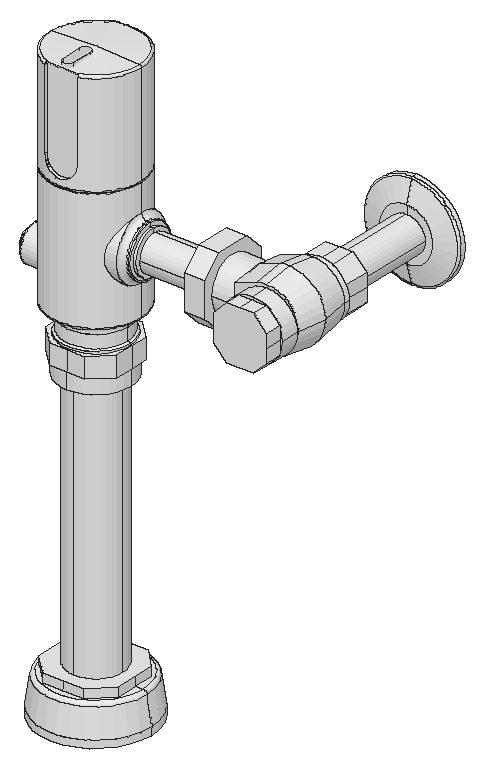
Revit family
Parameters (values of type "Chrome-CP-Polished_Chrome")
  Width Calc = if(Width > 0' 4 3/8", if(Width < 0' 5 3/8", Width, 0' 5 3/8"), 0' 4 3/8")  # 0' - 5 3/8"
  Width = 0' - 5 3/8"
  URL = "http://www.us.kohler.com"
  Sensor Material = Sensor Material
  Product Page URL = "http://www.us.kohler.com/onlinecatalog/detail.jsp?prod_num=10673"
  Product Documentation Link = "http://www.us.kohler.com/onlinecatalog/pdf/1108709_4.pdf"
  Overall Width [instance] = 0' - 8.59195"
  Overall Length [instance] = 0' - 6.718"
  Overall Height [instance] = 1' - 4.56429"
  Model = "K-10673"  # constant formula
  Manufacturer = "Kohler"  # constant formula
  Length Calc = if(Length > 0' 2 7/8", if(Length < 0' 5", Length, 0' 5"), 0' 2 7/8")  # 0' - 5"
  Length = 0' - 5"
  Height Calc = if(Height > 0' 8 3/4", if(Height < 1' 0", Height, 1' 0"), 0' 8 3/4")  # 1' - 0"
  Height = 1' - 0"
  Flushometer Supply = "Cold Water Connection"  # constant formula
  Flush Rate = 0.128 GPM
  Finish = Chrome-Kohler-CP-Polished Chrome
  Description = "WAVE 1.28 gpf exposed toilet flushometer\r\n"  # constant formula
  Created By = "http://www.medialab3dstudio.com"
  Cold Water Radius = 1/2"
  Cold Water Diameter = Cold Water Radius * 2  # 1"
  CWFU = 0
  CW Connection = yes
  Assembly Code = "D2010900"
Reference planes (in)
  plane 1 "Center (Front/Back)": y = -2.125
  plane 2 "Bottom": z = 0
  plane 3 "Center (Left/Right)": x = -1
  plane 4 "Center (Top/Bottom)": z = 12
  plane 5 "Right Connector": x = 4.375
  plane 6 "Back": y = 2.875
  plane 7: z = 8.46926
  plane 8: z = 1.28808
  plane 9: x = 0.60251
  plane 10: y = 1.91899
  plane 11: y = -0.40273
  plane 12 "Right": x = 5.7147
  plane 13 "Left": x = -2.87725
  plane 14 "Front": y = -3.843
  plane 15 "Top": z = 16.56429
Forms (in)
  Extrusion 1, solid, material "Chrome-Kohler-CP-Polished Chrome" <- "Finish", detail levels fine
    sketch origin (0, -2.125, 0) x (1, 0, 0) y (0, 1, 0)
      loop
        arc (-1, 0.75) -> (-1.53033, 0.53033) -> (-1.75, 0) r 0.75
        arc (-1.75, 0) -> (-1.53033, -0.53033) -> (-1, -0.75) r 0.75
        arc (-1, -0.75) -> (-0.46967, -0.53033) -> (-0.25, 0) r 0.75
        arc (-0.25, 0) -> (-0.46967, 0.53033) -> (-1, 0.75) r 0.75
    from 1.28808 to 8.46926
  Extrusion 2, solid, material "Chrome-Kohler-CP-Polished Chrome" <- "Finish", detail levels fine
    sketch origin (0, -0.40885, -7.58275) x (0, 1, 0) y (0, 0, 1)
      loop
        arc (-1.71615, 20.08275) -> (-2.0697, 19.93631) -> (-2.21615, 19.58275) r 0.5
        arc (-2.21615, 19.58275) -> (-2.0697, 19.2292) -> (-1.71615, 19.08275) r 0.5
        arc (-1.71615, 19.08275) -> (-1.36259, 19.2292) -> (-1.21615, 19.58275) r 0.5
        arc (-1.21615, 19.58275) -> (-1.36259, 19.93631) -> (-1.71615, 20.08275) r 0.5
    from 0.60251 to 2.22977
  Extrusion 3, solid, material "Chrome-Kohler-CP-Polished Chrome" <- "Finish", detail levels fine
    sketch origin (0, 0, -5.06429) x (1, 0, 0) y (0, 0, 1)
      loop
        arc (4.375, 17.56429) -> (4.02145, 17.41784) -> (3.875, 17.06429) r 0.5
        arc (3.875, 17.06429) -> (4.02145, 16.71074) -> (4.375, 16.56429) r 0.5
        arc (4.375, 16.56429) -> (4.72855, 16.71074) -> (4.875, 17.06429) r 0.5
        arc (4.875, 17.06429) -> (4.72855, 17.41784) -> (4.375, 17.56429) r 0.5
    from -1.91899 to 0.40273
  Extrusion 4, solid, material "Chrome-Kohler-CP-Polished Chrome" <- "Finish", detail levels coarse+medium
    sketch origin (0, 0, 0) x (1, 0, 0) y (0, 1, 0)
      loop
        line (-2.87725, 2.875) -> (-2.87725, -3.843) -> (5.7147, -3.843) -> (5.7147, 2.875) -> (-2.87725, 2.875)
    from 0 to 16.56429
Lines and regions (in)
  Masking region 1, detail levels medium+fine
    outline origin (-1, -0.75, 0) x (0, 1, 0) y (0, 0, 1)
      loop
        line (-0.625, 8.46926) -> (-2.125, 8.46926) -> (-2.125, 1.28808) -> (-0.625, 1.28808) -> (-0.625, 8.46926)
  Masking region 2, detail levels medium+fine
    outline origin (0, -2.125, 0) x (1, 0, 0) y (0, 0, 1)
      loop
        line (-1.75, 8.46926) -> (-1.75, 1.28808) -> (-0.25, 1.28808) -> (-0.25, 8.46926) -> (-1.75, 8.46926)
  Masking region 3, detail levels medium+fine
    outline origin (0, 0, 12) x (0, -1, 0) y (1, 0, 0)
      loop
        line (1.625, 0.60251) -> (2.625, 0.60251) -> (2.625, 2.22977) -> (1.625, 2.22977) -> (1.625, 0.60251)
  Masking region 4, detail levels medium+fine
    outline origin (0, -2.125, 0) x (1, 0, 0) y (0, 0, 1)
      loop
        line (0.60251, 12.5) -> (0.60251, 11.5) -> (2.22977, 11.5) -> (2.22977, 12.5) -> (0.60251, 12.5)
  Masking region 5, detail levels medium+fine
    outline origin (-1, 0, 0) x (0, 1, 0) y (0, 0, 1)
      loop
        line (-0.40273, 12.5) -> (-0.40273, 11.5) -> (1.91899, 11.5) -> (1.91899, 12.5) -> (-0.40273, 12.5)
  Masking region 6, detail levels medium+fine
    outline origin (0, 0, 12) x (0, -1, 0) y (1, 0, 0)
      loop
        line (-1.91899, 3.875) -> (0.40273, 3.875) -> (0.40273, 4.875) -> (-1.91899, 4.875) -> (-1.91899, 3.875)
  Masking region 7, detail levels coarse
    outline origin (0, 0, 12) x (0, -1, 0) y (1, 0, 0)
      loop
        line (-2.875, -2.87725) -> (3.843, -2.87725) -> (3.843, 5.7147) -> (-2.875, 5.7147) -> (-2.875, -2.87725)
  Masking region 8, detail levels coarse
    outline origin (0, -2.125, 0) x (1, 0, 0) y (0, 0, 1)
      loop
        line (-2.87725, 16.56429) -> (-2.87725, 0) -> (5.7147, 0) -> (5.7147, 16.56429) -> (-2.87725, 16.56429)
  Masking region 9, detail levels coarse
    outline origin (-1, 0, 0) x (0, 1, 0) y (0, 0, 1)
      loop
        line (-3.843, 16.56445) -> (-3.843, 0) -> (2.875, 0) -> (2.875, 16.56445) -> (-3.843, 16.56445)
Dimensions and locks (in)
  locked: plane 8 to plane 2 "Bottom" at 1.28808
  locked: plane 4 "Center (Top/Bottom)" to plane 7 at 3.53074
  locked: plane 9 to plane 3 "Center (Left/Right)" at 1.60251
  plane 10 to plane 6 "Back" = 0' - 0.95601"
  locked: plane 1 "Center (Front/Back)" to plane 11 at 1.72227
  "Height Calc": plane 4 "Center (Top/Bottom)" to plane 2 "Bottom"
  "Width Calc": plane 5 "Right Connector" to plane 3 "Center (Left/Right)"
  "Length Calc": plane 6 "Back" to plane 1 "Center (Front/Back)"
  locked: plane 3 "Center (Left/Right)" to plane 13 "Left" at 1.87725
  "Overall Width": plane 13 "Left" to plane 12 "Right"
  locked: plane 14 "Front" to plane 1 "Center (Front/Back)" at 1.718
  "Overall Length": plane 14 "Front" to plane 6 "Back"
  locked: plane 15 "Top" to plane 4 "Center (Top/Bottom)" at 4.56429
  "Overall Height": plane 15 "Top" to plane 2 "Bottom"
  aligned and locked: plane 2 "Bottom" to level
  aligned and locked: plane 3 "Center (Left/Right)" to nested 1
  aligned and locked: plane 1 "Center (Front/Back)" to nested 1
  aligned and locked: plane 2 "Bottom" to nested 1
  aligned and locked: nested 2 to plane 4 "Center (Top/Bottom)"
  aligned and locked: plane 5 "Right Connector" to nested 2
  aligned and locked: plane 1 "Center (Front/Back)" to nested 2
  aligned: plane 5 "Right Connector" to nested 3
  aligned and locked: nested 3 to plane 6 "Back"
  aligned: plane 3 "Center (Left/Right)" to Extrusion 1 sketch curve  (x2)
  aligned: plane 1 "Center (Front/Back)" to Extrusion 1 sketch curve  (x2)
  aligned and locked: Extrusion 1 to plane 7
  aligned and locked: plane 8 to Extrusion 1
  aligned and locked: plane 3 "Center (Left/Right)" to Extrusion 1
  aligned and locked: plane 1 "Center (Front/Back)" to Extrusion 1
  aligned and locked: Masking region 2 sketch curve to Extrusion 1  (x2)
  aligned and locked: Extrusion 1 to Masking region 2 sketch curve
  aligned and locked: Masking region 1 sketch curve to Extrusion 1  (x2)
  aligned and locked: Masking region 1 sketch curve to plane 8
  aligned and locked: plane 7 to Masking region 1 sketch curve
  aligned and locked: plane 1 "Center (Front/Back)" to Extrusion 2
  aligned and locked: Extrusion 2 to nested 2
  aligned and locked: Extrusion 2 to plane 9
  aligned and locked: plane 4 "Center (Top/Bottom)" to Extrusion 2
  aligned and locked: plane 9 to Masking region 3 sketch curve
  aligned and locked: Masking region 3 sketch curve to Extrusion 2  (x2)
  aligned and locked: nested 2 to Masking region 3 sketch curve
  aligned and locked: plane 9 to Masking region 4 sketch curve
  aligned and locked: nested 2 to Masking region 4 sketch curve
  aligned and locked: Masking region 4 sketch curve to Extrusion 2  (x2)
  aligned and locked: plane 5 "Right Connector" to Extrusion 3
  aligned and locked: plane 10 to Extrusion 3
  aligned and locked: plane 11 to Extrusion 3
  aligned and locked: Masking region 5 sketch curve to Extrusion 3  (x2)
  aligned and locked: Masking region 5 sketch curve to plane 11
  aligned and locked: Masking region 5 sketch curve to plane 10
  aligned and locked: Masking region 6 sketch curve to plane 10
  aligned and locked: Masking region 6 sketch curve to plane 11
  aligned and locked: Masking region 6 sketch curve to Extrusion 3  (x2)
  aligned and locked: Masking region 7 sketch curve to plane 6 "Back"
  aligned: Masking region 7 sketch curve to nested 2
  aligned and locked: plane 5 "Right Connector" to nested 3
  aligned and locked: nested 3 to plane 4 "Center (Top/Bottom)"
  aligned and locked: Masking region 8 sketch curve to plane 13 "Left"
  aligned and locked: Masking region 8 sketch curve to plane 12 "Right"
  aligned and locked: plane 2 "Bottom" to Masking region 8 sketch curve
  aligned and locked: Masking region 9 sketch curve to plane 14 "Front"
  aligned and locked: plane 2 "Bottom" to Masking region 9 sketch curve
  aligned and locked: Masking region 9 sketch curve to plane 6 "Back"
  aligned and locked: Extrusion 4 sketch curve to plane 13 "Left"
  aligned and locked: Extrusion 4 sketch curve to plane 6 "Back"
  aligned and locked: Extrusion 4 sketch curve to plane 12 "Right"
  aligned and locked: Extrusion 4 sketch curve to plane 14 "Front"
  aligned and locked: plane 3 "Center (Left/Right)" to nested 4
  aligned and locked: nested 4 to plane 7
  aligned and locked: plane 1 "Center (Front/Back)" to nested 4
  aligned and locked: Extrusion 4 to plane 15 "Top"
  aligned and locked: Masking region 8 to plane 15 "Top"
  aligned and locked: plane 4 "Center (Top/Bottom)" to Extrusion 3
Automatic sketch dimensions
  Extrusion 1 sketch curve to Extrusion 1 sketch curve = 0' - 0"  (x12)
  plane 1 "Center (Front/Back)" to Extrusion 1 sketch curve = 0' - 0"
  Extrusion 1 sketch curve to plane 3 "Center (Left/Right)" = 0' - 0"
  Extrusion 1 sketch curve to Extrusion 1 sketch curve = 0' - 0 3/4"
  Extrusion 2 sketch curve to Extrusion 2 sketch curve = 0' - 0"  (x12)
  plane 4 "Center (Top/Bottom)" to Extrusion 2 sketch curve = 0' - 0"
  Extrusion 2 sketch curve to plane 1 "Center (Front/Back)" = 0' - 0"
  Extrusion 2 sketch curve to Extrusion 2 sketch curve = 0' - 0 1/2"
  Extrusion 3 sketch curve to Extrusion 3 sketch curve = 0' - 0"  (x12)
  Extrusion 3 sketch curve to plane 4 "Center (Top/Bottom)" = 0' - 0"
  Extrusion 3 sketch curve to plane 5 "Right Connector" = 0' - 0"
  Extrusion 3 sketch curve to Extrusion 3 sketch curve = 0' - 0 1/2"
  plane 5 "Right Connector" to Masking region 7 sketch curve = 0' - 1.3397"
  plane 1 "Center (Front/Back)" to Masking region 7 sketch curve = 0' - 1.718"
  Masking region 2 sketch curve to plane 7 = 0' - 0"
  Masking region 7 sketch curve to plane 13 "Left" = 0' - 0"
  Masking region 8 sketch curve to plane 4 "Center (Top/Bottom)" = 0' - 4.56429"
  Masking region 9 sketch curve to plane 4 "Center (Top/Bottom)" = 0' - 4.56445"
Nested families (in)
  nested 1: "Base" at (-1, -2.125, 0), type "Base"
  nested 2: "Wall Extension" at (-1.28727, -2.125, -0.09989), type "Wall Extension", detail levels medium+fine
  nested 3: "Wall Connector" at (-0.70733, -2.07873, -0.0596), type "Wall Connector"
  nested 4: "Main Body2" at (-1, -2.125, -0.09743), type "Main Body2"
Connectors (in)
  piping at (4.375, 2.875, 12), driven by "Cold Water Radius", driven by "CW Connection", driven by "Flushometer Supply", driven by "Flush Rate", driven by "CWFU"
    settings: on nested 3, index 1, connector radius 1/2", flow factor 0, pipe flow 0.128 GPM, pressure drop 0.00 psi, fitting loss kfactor 0, connector angle 0.00°, fixture units 0, flow configuration 3, flow direction 1, fitting loss method 0, system type 20, connector reference index -1, connector utility 1, adjustable connector yes, is connector primary yes, fitting loss table "", connector description "Cold Water Connection"
Definition of nested family "Base"
  Parameters (values of type "Base")
    Finish = Chrome-Kohler-CP-Polished Chrome
    Assembly Code = "D2010900"
  Reference planes (in)
    plane 1 "Center (Front/Back)": y = 0
    plane 2 "Bottom": z = 0
    plane 3 "Center (Left/Right)": x = 0
    plane 4 "Left": x = -1.54194
    plane 5 "Front": through (179.98443, -0.726, 1.05873) normal (0.0045, -1, 0)
    plane 6 "Back": through (179.97438, 2.35776, 1.05873) normal (0.0045, -1, 0)
    plane 7 "Right": x = 1.54194
    plane 8 "Top": z = 1.28808
    plane 9 "Center (Top/Bottom)": z = 0.64404
  Forms (in)
    Revolve 1, solid, material "Chrome-Kohler-CP-Polished Chrome" <- "Finish", detail levels fine
      sketch origin (0, 0, 0) x (1, 0, 0) y (0, 0, 1)
        loop
          line (0, 1.0575) -> (0, 0) -> (1.54194, 0) -> (1.54194, 0.20035) -> (1.42081, 0.96424)
          arc (1.42081, 0.96424) -> (1.38461, 1.03092) -> (1.31353, 1.0575) r 0.10834
          line (1.31353, 1.0575) -> (0, 1.0575)
        axis (0, 0) -> (0, 1.0575)
      angle from 0 to 360
    Extrusion 2, solid, material "Chrome-Kohler-CP-Polished Chrome" <- "Finish", detail levels fine
      sketch origin (0, 0, 0) x (1, 0, 0) y (0, 1, 0)
        loop
          line (1.08986, -0.57622) -> (1.08986, -0.00981) -> (1.08986, 0.55659) -> (0.5543, 1.09216) -> (-0.01211, 1.09216) -> (-0.57851, 1.09216) -> (-1.11408, 0.55659) -> (-1.11408, -0.00981) -> (-1.11408, -0.57622) -> (-0.57851, -1.11178) -> (-0.01211, -1.11178) -> (0.5543, -1.11178) -> (1.08986, -0.57622)
      from 1.0575 to 1.28808
  Cuts and joins
    joined: Revolve 1, Extrusion 2
  Lines and regions (in)
    Masking region 1, detail levels medium+fine
      outline origin (0, 0, 0) x (1, 0, 0) y (0, 0, 1)
        loop
          line (1.08986, 1.28808) -> (-1.11408, 1.28808) -> (-1.11408, 1.0575) -> (-1.31353, 1.0575)
          arc (-1.31353, 1.0575) -> (-1.38414, 1.03039) -> (-1.42081, 0.96424) r 0.1106
          line (-1.42081, 0.96424) -> (-1.54194, 0.20035) -> (-1.54194, 0) -> (1.54194, 0) -> (1.54194, 0.20035) -> (1.42081, 0.96424)
          arc (1.42081, 0.96424) -> (1.38414, 1.03039) -> (1.31353, 1.0575) r 0.1106
          line (1.31353, 1.0575) -> (1.08986, 1.0575) -> (1.08986, 1.28808)
    Masking region 2, detail levels medium+fine
      outline origin (0, 0, 0) x (0, 1, 0) y (0, 0, 1)
        loop
          line (1.09216, 1.0575) -> (1.09216, 1.28808) -> (-1.11178, 1.28808) -> (-1.11178, 1.0575) -> (-1.31353, 1.0575)
          arc (-1.31353, 1.0575) -> (-1.38461, 1.03092) -> (-1.42081, 0.96424) r 0.10834
          line (-1.42081, 0.96424) -> (-1.54194, 0.20035) -> (-1.54194, 0) -> (1.54305, 0) -> (1.54194, 0.20035) -> (1.42081, 0.96424)
          arc (1.42081, 0.96424) -> (1.38461, 1.03092) -> (1.31353, 1.0575) r 0.10834
          line (1.31353, 1.0575) -> (1.09216, 1.0575)
    Masking region 3, detail levels medium+fine
      outline origin (0, 0, 0.64404) x (-1, 0, 0) y (0, -1, 0)
        loop
          circle (0, 0) r 1.54194
    symbolic lines, style "Masking Lines", detail levels fine
      curve 1: line (-0.57851, 0, 1.28808) -> (-0.57851, 0, 1.0575)
      curve 2: line (0.5543, 0, 1.0575) -> (0.5543, 0, 1.28808)
      curve 3: line (-1.42081, 0, 0.96424) -> (1.42081, 0, 0.96424)
      curve 4: line (-1.54194, 0, 0.20035) -> (1.54194, 0, 0.20035)
      curve 5: line (-1.11408, 0, 1.0575) -> (1.08986, 0, 1.0575)
      curve 6: line (0, 0.55659, 1.28808) -> (0, 0.55659, 1.0575)
      curve 7: line (0, -0.57622, 1.0575) -> (0, -0.57622, 1.28808)
      curve 8: line (0, -1.11178, 1.0575) -> (0, 1.09216, 1.0575)
      curve 9: line (0, 1.42081, 0.96424) -> (0, -1.42081, 0.96424)
      curve 10: line (0, -1.54194, 0.20035) -> (0, 1.54194, 0.20035)
      curve 11: arc (-1.42081, 0, 0.64404) -> (0, 1.42081, 0.64404) -> (1.42081, 0, 0.64404) r 1.42081
      curve 12: arc (1.42081, 0, 0.64404) -> (0, -1.42081, 0.64404) -> (-1.42081, 0, 0.64404) r 1.42081
      curve 13: line (-0.01211, 1.09216, 0.64404) -> (-0.57851, 1.09216, 0.64404)
      curve 14: line (-0.57851, 1.09216, 0.64404) -> (-1.11408, 0.55659, 0.64404)
      curve 15: line (-1.11408, 0.55659, 0.64404) -> (-1.11408, -0.00981, 0.64404)
      curve 16: line (-1.11408, -0.00981, 0.64404) -> (-1.11408, -0.57622, 0.64404)
      curve 17: line (-1.11408, -0.57622, 0.64404) -> (-0.57851, -1.11178, 0.64404)
      curve 18: line (-0.57851, -1.11178, 0.64404) -> (-0.01211, -1.11178, 0.64404)
      curve 19: line (-0.01211, -1.11178, 0.64404) -> (0.5543, -1.11178, 0.64404)
      curve 20: line (0.5543, -1.11178, 0.64404) -> (1.08986, -0.57622, 0.64404)
      curve 21: line (1.08986, -0.57622, 0.64404) -> (1.08986, -0.00981, 0.64404)
      curve 22: line (1.08986, -0.00981, 0.64404) -> (1.08986, 0.55659, 0.64404)
      curve 23: line (1.08986, 0.55659, 0.64404) -> (0.5543, 1.09216, 0.64404)
      curve 24: line (0.5543, 1.09216, 0.64404) -> (-0.01211, 1.09216, 0.64404)
  Dimensions and locks (in)
    aligned and locked: level to plane 2 "Bottom"
Definition of nested family "Wall Extension"
  Parameters (values of type "Wall Extension")
    Finish = Chrome-Kohler-CP-Polished Chrome
    Assembly Code = "D2010900"
  Reference planes (in)
    plane 1 "Center (Front/Back)": y = 0
    plane 2 "Bottom": z = 0
    plane 3 "Center (Left/Right)": x = 5.66227
    plane 4 "Left": x = 3.51704
    plane 5 "Right": x = 6.64762
    plane 6 "Top": z = 13.06752
    plane 7 "Center (Top/Bottom)": z = 12.09989
    plane 8 "Front": y = -1.718
    plane 9 "Back": y = 1.72227
  Forms (in)
    Extrusion 1, solid, material "Chrome-Kohler-CP-Polished Chrome" <- "Finish", detail levels fine
      sketch origin (0, 0, 0) x (0, 1, 0) y (0, 0, 1)
        loop
          line (0.96651, 12.58315) -> (0.48214, 13.06752) -> (-0.48214, 13.06752) -> (-0.96651, 12.58315) -> (-0.96651, 11.61664) -> (-0.48214, 11.13226) -> (0.48214, 11.13226) -> (0.96651, 11.61664) -> (0.96651, 12.58315)
      from 3.51704 to 4.07129
    Extrusion 2, solid, material "Chrome-Kohler-CP-Polished Chrome" <- "Finish", detail levels fine
      sketch origin (0, 0, 0) x (0, 1, 0) y (0, 0, 1)
        loop
          circle (0, 12.10226) r 0.73138
      from 4.07129 to 4.79242
    Blend 3, solid, material "Chrome-Kohler-CP-Polished Chrome" <- "Finish", detail levels fine
      base sketch origin (0, 0, 0) x (1, 0, 0) y (0, 0, 1)
        loop
          line (4.75622, 12.67603) -> (4.75622, 11.5285) -> (4.79242, 11.37171) -> (5.38566, 11.15579)
          arc (5.38566, 11.15579) -> (5.52192, 11.12181) -> (5.66227, 11.11691) r 0.67174
          arc (5.66227, 11.11691) -> (6.35902, 11.40551) -> (6.64762, 12.10226) r 0.98535
          arc (6.64762, 12.10226) -> (6.35902, 12.79901) -> (5.66227, 13.08761) r 0.98535
          arc (5.66227, 13.08761) -> (5.52192, 13.08271) -> (5.38566, 13.04874) r 0.67174
          line (5.38566, 13.04874) -> (4.79242, 12.83281) -> (4.75622, 12.67603)
      top sketch origin (0, 0, 0) x (1, 0, 0) y (0, 0, 1)
        loop
          line (5.36638, 12.92216) -> (4.75622, 12.70056) -> (4.75622, 11.50014) -> (5.37093, 11.27763)
          arc (5.37093, 11.27763) -> (5.51432, 11.23929) -> (5.66227, 11.22737) r 0.82185
          arc (5.66227, 11.22737) -> (6.2763, 11.48653) -> (6.53138, 12.10226) r 0.87792
          arc (6.53138, 12.10226) -> (6.27787, 12.71873) -> (5.66227, 12.97433) r 0.86911
          arc (5.66227, 12.97433) -> (5.51205, 12.96114) -> (5.36638, 12.92216) r 0.86851
      from 0 to 0.78503
    Blend 4, solid, material "Chrome-Kohler-CP-Polished Chrome" <- "Finish", detail levels fine
      base sketch origin (0, 0, 0) x (1, 0, 0) y (0, 0, -1)
        loop
          line (4.75622, -12.67603) -> (4.79242, -12.83281) -> (5.38566, -13.04874)
          arc (5.38566, -13.04874) -> (5.52192, -13.08271) -> (5.66227, -13.08761) r 0.67174
          arc (5.66227, -13.08761) -> (6.35902, -12.79901) -> (6.64762, -12.10226) r 0.98535
          arc (6.64762, -12.10226) -> (6.35902, -11.40551) -> (5.66227, -11.11691) r 0.98535
          arc (5.66227, -11.11691) -> (5.52192, -11.12181) -> (5.38566, -11.15579) r 0.67174
          line (5.38566, -11.15579) -> (4.79242, -11.37171) -> (4.75622, -11.5285) -> (4.75622, -12.67603)
      top sketch origin (0, 0, 0) x (1, 0, 0) y (0, 0, -1)
        loop
          arc (5.36638, -12.92216) -> (5.51205, -12.96114) -> (5.66227, -12.97433) r 0.86851
          arc (5.66227, -12.97433) -> (6.27787, -12.71873) -> (6.53138, -12.10226) r 0.86911
          arc (6.53138, -12.10226) -> (6.2763, -11.48653) -> (5.66227, -11.22737) r 0.87792
          arc (5.66227, -11.22737) -> (5.51432, -11.23929) -> (5.37093, -11.27763) r 0.82185
          line (5.37093, -11.27763) -> (4.75622, -11.50014) -> (4.75622, -12.70056) -> (5.36638, -12.92216)
      from 0 to 0.78893
    Extrusion 5, solid, material "Chrome-Kohler-CP-Polished Chrome" <- "Finish", detail levels fine
      sketch origin (1.86811, 0, 0) x (1, 0, 0) y (0, 0, 1)
        loop
          line (4.53635, 12.43208) -> (4.16526, 12.80317) -> (3.79417, 12.80317) -> (3.42307, 12.80317) -> (3.05198, 12.43208) -> (3.05198, 12.0587) -> (3.05198, 11.68533) -> (3.42307, 11.31423) -> (3.79417, 11.31423) -> (4.16526, 11.31423) -> (4.53635, 11.68533) -> (4.53635, 12.0587) -> (4.53635, 12.43208)
      from 1.27697 to 1.718
    Extrusion 6, solid, material "Chrome-Kohler-CP-Polished Chrome" <- "Finish", detail levels fine
      sketch origin (1.83542, 0, 0) x (1, 0, 0) y (0, 0, 1)
        loop
          arc (3.82685, 12.88857) -> (3.24239, 12.64648) -> (3.00029, 12.06201) r 0.82656
          arc (3.00029, 12.06201) -> (3.24239, 11.47755) -> (3.82685, 11.23545) r 0.82656
          arc (3.82685, 11.23545) -> (4.41132, 11.47755) -> (4.65341, 12.06201) r 0.82656
          arc (4.65341, 12.06201) -> (4.41132, 12.64648) -> (3.82685, 12.88857) r 0.82656
      from 0.78503 to 1.27697
    Extrusion 7, solid, material "Chrome-Kohler-CP-Polished Chrome" <- "Finish", detail levels fine
      sketch origin (1.83542, 2.00705, 0) x (1, 0, 0) y (0, 0, 1)
        loop
          arc (3.82685, 12.88857) -> (3.24239, 12.64648) -> (3.00029, 12.06201) r 0.82656
          arc (3.00029, 12.06201) -> (3.24239, 11.47755) -> (3.82685, 11.23545) r 0.82656
          arc (3.82685, 11.23545) -> (4.41132, 11.47755) -> (4.65341, 12.06201) r 0.82656
          arc (4.65341, 12.06201) -> (4.41132, 12.64648) -> (3.82685, 12.88857) r 0.82656
      from 0.9953 to 1.21812
    Extrusion 8, solid, material "Chrome-Kohler-CP-Polished Chrome" <- "Finish", detail levels fine
      sketch origin (1.86811, 2.72975, 0) x (1, 0, 0) y (0, 0, 1)
        loop
          line (4.53635, 12.43208) -> (4.16526, 12.80317) -> (3.79417, 12.80317) -> (3.42307, 12.80317) -> (3.05198, 12.43208) -> (3.05198, 12.0587) -> (3.05198, 11.68533) -> (3.42307, 11.31423) -> (3.79417, 11.31423) -> (4.16526, 11.31423) -> (4.53635, 11.68533) -> (4.53635, 12.0587) -> (4.53635, 12.43208)
      from 1.00748 to 1.718
  Cuts and joins
    joined: Blend 3, Blend 4, Extrusion 6, Extrusion 7
    joined: Extrusion 1, Extrusion 2
    joined: Extrusion 5, Extrusion 8
  Lines and regions (in)
    Masking region 1, detail levels medium+fine
      outline origin (0, -1.718, 0) x (1, 0, 0) y (0, 0, 1)
        loop
          line (4.07129, 13.06752) -> (3.51704, 13.06752) -> (3.51704, 11.13226) -> (4.07129, 11.13226) -> (4.07129, 11.37171) -> (4.79242, 11.37171) -> (5.38566, 11.15579)
          arc (5.38566, 11.15579) -> (5.52192, 11.12181) -> (5.66227, 11.11691) r 0.67174
          arc (5.66227, 11.11691) -> (6.35902, 11.40551) -> (6.64762, 12.10226) r 0.98535
          arc (6.64762, 12.10226) -> (6.35902, 12.79901) -> (5.66227, 13.08761) r 0.98535
          arc (5.66227, 13.08761) -> (5.52192, 13.08271) -> (5.38566, 13.04874) r 0.67174
          line (5.38566, 13.04874) -> (4.79242, 12.83281) -> (4.07129, 12.83281) -> (4.07129, 13.06752)
    Masking region 2, detail levels medium+fine
      outline origin (6.64762, 0, 0) x (0, 0, -1) y (0, -1, 0)
        loop
          line (-11.31423, -1.72227) -> (-11.31423, -1.01175) -> (-11.23577, -1.01175) -> (-11.23577, -0.78893) -> (-11.20502, -0.78893)
          arc (-11.20502, -0.78893) -> (-11.19351, -0.77824) -> (-11.18642, -0.76424) r 0.04467
          arc (-11.18642, -0.76424) -> (-11.07399, -0.00264) -> (-11.1854, 0.75911) r 2.64767
          arc (-11.1854, 0.75911) -> (-11.19123, 0.77376) -> (-11.20224, 0.78503) r 0.0402
          line (-11.20224, 0.78503) -> (-11.23545, 0.78503) -> (-11.23545, 1.27697) -> (-11.31423, 1.27697) -> (-11.31423, 1.718) -> (-12.80317, 1.718) -> (-12.80317, 1.27697) -> (-12.8853, 1.27697) -> (-12.8853, 0.78503) -> (-12.91606, 0.78503)
          arc (-12.91606, 0.78503) -> (-12.92707, 0.77376) -> (-12.93289, 0.75911) r 0.0402
          arc (-12.93289, 0.75911) -> (-13.08761, -0.00195) -> (-12.93289, -0.763) r 1.94916
          arc (-12.93289, -0.763) -> (-12.92707, -0.77765) -> (-12.91606, -0.78893) r 0.0402
          line (-12.91606, -0.78893) -> (-12.88497, -0.78893) -> (-12.88497, -1.01175) -> (-12.80317, -1.01175) -> (-12.80317, -1.72227) -> (-11.31423, -1.72227)
    Masking region 3, detail levels medium+fine
      outline origin (0, 0, 12.09989) x (-1, 0, 0) y (0, -1, 0)
        loop
          line (-4.07129, -0.96651) -> (-3.51704, -0.96651) -> (-3.51704, 0.96651) -> (-4.07129, 0.96651) -> (-4.07129, 0.73098) -> (-4.75622, 0.73098) -> (-4.75622, 0.78503) -> (-4.83571, 0.78503) -> (-4.83571, 1.27697) -> (-4.92008, 1.27697) -> (-4.92008, 1.718) -> (-6.40446, 1.718) -> (-6.40446, 1.27697) -> (-6.48883, 1.27697) -> (-6.48883, 0.78503) -> (-6.53138, 0.78503)
          arc (-6.53138, 0.78503) -> (-6.64762, -0.00195) -> (-6.53138, -0.78893) r 2.72225
          line (-6.53138, -0.78893) -> (-6.48883, -0.78893) -> (-6.48883, -1.01175) -> (-6.40446, -1.01175) -> (-6.40446, -1.72227) -> (-4.92008, -1.72227) -> (-4.92008, -1.01175) -> (-4.83571, -1.01175) -> (-4.83571, -0.78893) -> (-4.75622, -0.78893) -> (-4.75622, -0.73125) -> (-4.07129, -0.73125) -> (-4.07129, -0.96651)
    symbolic lines, style "Masking Lines", detail levels fine
      curve 1: line (4.07129, -1.718, 12.83281) -> (4.07129, -1.718, 11.37089)
      curve 2: line (4.07129, -1.718, 12.58315) -> (3.51704, -1.718, 12.58315)
      curve 3: line (4.07129, -1.718, 11.61664) -> (3.51704, -1.718, 11.61664)
      curve 4: line (4.79242, -1.718, 12.83281) -> (4.75622, -1.718, 12.70056)
      curve 5: line (4.75622, 0, 12.70056) -> (4.75622, 0, 11.50014)
      curve 6: line (4.79242, -1.718, 11.37171) -> (4.75622, -1.718, 11.50014)
      curve 7: line (4.75622, -1.718, 11.50014) -> (5.37093, -1.718, 11.27763)
      curve 8: arc (5.37093, -1.718, 11.27763) -> (5.51432, -1.718, 11.23929) -> (5.66227, -1.718, 11.22737) r 0.82185
      curve 9: arc (5.66227, -1.718, 11.22737) -> (6.2763, -1.718, 11.48653) -> (6.53138, -1.718, 12.10226) r 0.87792
      curve 10: arc (6.53138, -1.718, 12.10226) -> (6.27787, -1.718, 12.71873) -> (5.66227, -1.718, 12.97433) r 0.86911
      curve 11: arc (5.66227, -1.718, 12.97433) -> (5.51205, -1.718, 12.96114) -> (5.36638, -1.718, 12.92216) r 0.86851
      curve 12: line (5.36638, -1.718, 12.92216) -> (4.75622, -1.718, 12.70056)
      curve 13: arc (4.83571, -1.718, 12.06201) -> (5.0778, -1.718, 11.47755) -> (5.66227, -1.718, 11.23545) r 0.82656
      curve 14: arc (5.66227, -1.718, 11.23545) -> (6.24674, -1.718, 11.47755) -> (6.48883, -1.718, 12.06201) r 0.82656
      curve 15: arc (6.48883, -1.718, 12.06201) -> (6.24674, -1.718, 12.64648) -> (5.66227, -1.718, 12.88857) r 0.82656
      curve 16: arc (5.66227, -1.718, 12.88857) -> (5.0778, -1.718, 12.64648) -> (4.83571, -1.718, 12.06201) r 0.82656
      curve 17: line (5.29118, -1.718, 12.80317) -> (4.92008, -1.718, 12.43208)
      curve 18: line (4.92008, -1.718, 12.43208) -> (4.92008, -1.718, 12.0587)
      curve 19: line (4.92008, -1.718, 12.0587) -> (4.92008, -1.718, 11.68533)
      curve 20: line (4.92008, -1.718, 11.68533) -> (5.29118, -1.718, 11.31423)
      curve 21: line (5.29118, -1.718, 11.31423) -> (5.66227, -1.718, 11.31423)
      curve 22: line (5.66227, -1.718, 11.31423) -> (6.03336, -1.718, 11.31423)
      curve 23: line (6.03336, -1.718, 11.31423) -> (6.40446, -1.718, 11.68533)
      curve 24: line (6.40446, -1.718, 11.68533) -> (6.40446, -1.718, 12.0587)
      curve 25: line (6.40446, -1.718, 12.0587) -> (6.40446, -1.718, 12.43208)
      curve 26: line (6.40446, -1.718, 12.43208) -> (6.03336, -1.718, 12.80317)
      curve 27: line (6.03336, -1.718, 12.80317) -> (5.66227, -1.718, 12.80317)
      curve 28: line (5.66227, -1.718, 12.80317) -> (5.29118, -1.718, 12.80317)
      curve 29: line (5.66227, 0.48214, 13.06752) -> (5.66227, -0.48214, 13.06752)
      curve 30: line (5.66227, -0.48214, 13.06752) -> (5.66227, -0.96651, 12.58315)
      curve 31: line (5.66227, -0.96651, 12.58315) -> (5.66227, -0.96651, 11.61664)
      curve 32: line (5.66227, -0.96651, 11.61664) -> (5.66227, -0.48214, 11.13226)
      curve 33: line (5.66227, -0.48214, 11.13226) -> (5.66227, 0.48214, 11.13226)
      curve 34: line (5.66227, 0.48214, 11.13226) -> (5.66227, 0.96651, 11.61664)
      curve 35: line (5.66227, 0.96651, 11.61664) -> (5.66227, 0.96651, 12.58315)
      curve 36: line (5.66227, 0.96651, 12.58315) -> (5.66227, 0.48214, 13.06752)
      curve 37: line (6.64762, -1.27697, 12.80317) -> (6.64762, -1.27697, 11.31423)
      curve 38: line (6.64762, -0.78503, 12.8853) -> (6.64762, -0.78503, 11.23545)
      curve 39: line (6.64762, 0.78893, 12.88497) -> (6.64762, 0.78893, 11.23577)
      curve 40: line (6.64762, 1.01175, 12.80317) -> (6.64762, 1.01175, 11.31423)
      curve 41: line (6.64762, 1.72227, 12.43208) -> (6.64762, 1.01175, 12.43208)
      curve 42: line (6.64762, 1.01175, 11.68533) -> (6.64762, 1.72227, 11.68533)
      curve 43: line (6.64762, -1.27697, 11.68533) -> (6.64762, -1.718, 11.68533)
      curve 44: line (6.64762, -1.718, 12.43208) -> (6.64762, -1.27697, 12.43208)
      curve 45: line (3.51704, 0.48214, 12.09989) -> (4.07129, 0.48214, 12.09989)
      curve 46: line (3.51704, -0.48214, 12.09989) -> (4.07129, -0.48214, 12.09989)
      curve 47: line (4.07129, 0.73138, 12.09989) -> (4.07129, -0.73138, 12.09989)
      curve 48: line (4.75622, 0.78893, 12.09989) -> (4.79242, 0, 12.09989)
      curve 49: line (4.79242, 0, 12.09989) -> (4.75622, -0.78503, 12.09989)
      curve 50: line (5.29118, 1.72227, 12.09989) -> (5.29118, 1.01175, 12.09989)
      curve 51: line (6.03336, 1.01175, 12.09989) -> (6.03336, 1.72227, 12.09989)
      curve 52: line (4.92008, 1.01175, 12.09989) -> (6.40446, 1.01175, 12.09989)
      curve 53: line (4.83571, 0.78893, 12.09989) -> (6.48883, 0.78893, 12.09989)
      curve 54: line (4.83571, -0.78503, 12.09989) -> (6.48883, -0.78503, 12.09989)
      curve 55: line (4.92008, -1.27697, 12.09989) -> (6.40446, -1.27697, 12.09989)
      curve 56: line (5.29118, -1.27697, 12.09989) -> (5.29118, -1.718, 12.09989)
      curve 57: line (6.03336, -1.27697, 12.09989) -> (6.03336, -1.718, 12.09989)
  Dimensions and locks (in)
    aligned and locked: level to plane 2 "Bottom"
Definition of nested family "Wall Connector"
  Parameters (values of type "Wall Connector")
    Finish = Chrome-Kohler-CP-Polished Chrome
    Assembly Code = "D2010900"
  Reference planes (in)
    plane 1 "Center (Front/Back)": y = 4.47572
    plane 2 "Bottom": z = 0
    plane 3 "Center (Left/Right)": x = 5.08233
    plane 4 "Left": x = 3.74263
    plane 5 "Right": x = 6.42204
    plane 6 "Top": z = 13.39931
    plane 7 "Center (Top/Bottom)": z = 12.0596
    plane 8 "Front": y = 3.99772
    plane 9 "Back": y = 4.95373
  Forms (in)
    Revolve 1, solid, material "Chrome-Kohler-CP-Polished Chrome" <- "Finish", detail levels fine
      sketch origin (5.08233, 0, 0) x (0, 1, 0) y (0, 0, 1)
        loop
          line (4.95373, 12.0596) -> (3.99772, 12.0596) -> (3.99772, 11.32368)
          arc (3.99772, 11.32368) -> (4.07068, 11.03816) -> (4.1599, 10.7573) r 5.13157
          arc (4.1599, 10.7573) -> (4.18146, 10.733) -> (4.21119, 10.7199) r 0.07607
          line (4.21119, 10.7199) -> (4.33191, 10.7199) -> (4.33191, 11.412) -> (4.91226, 11.412) -> (4.95373, 11.44893) -> (4.95373, 12.0596)
        axis (3.99772, 12.0596) -> (4.95373, 12.0596)
      angle from 0 to 360
  Lines and regions (in)
    Masking region 1, detail levels medium+fine
      outline origin (0, 4.95373, 0) x (1, 0, 0) y (0, 0, 1)
        loop
          circle (5.08233, 12.0596) r 1.3397
    Masking region 2, detail levels medium+fine
      outline origin (5.08233, 0, 0) x (0, 1, 0) y (0, 0, 1)
        loop
          line (3.99772, 11.32368) -> (4.02095, 11.2262) -> (4.04372, 11.13325) -> (4.07187, 11.03558) -> (4.09964, 10.94301) -> (4.1275, 10.85025) -> (4.1599, 10.7573)
          arc (4.1599, 10.7573) -> (4.18142, 10.73294) -> (4.21119, 10.7199) r 0.0754
          line (4.21119, 10.7199) -> (4.33191, 10.7199) -> (4.33191, 11.412) -> (4.91226, 11.412) -> (4.95373, 11.44893) -> (4.95373, 12.6699) -> (4.91226, 12.7073) -> (4.33191, 12.7073) -> (4.33191, 13.39893) -> (4.20978, 13.39893)
          arc (4.20978, 13.39893) -> (4.18232, 13.38656) -> (4.1599, 13.36644) r 0.09812
          line (4.1599, 13.36644) -> (4.1275, 13.26895) -> (4.09964, 13.1762) -> (4.07187, 13.08325) -> (4.04372, 12.98577) -> (4.02095, 12.89301) -> (3.99772, 12.79553) -> (3.99772, 11.32368)
    Masking region 3, detail levels medium+fine
      outline origin (0, 0, 12.0596) x (-1, 0, 0) y (0, -1, 0)
        loop
          arc (-5.81826, -3.99772) -> (-6.10379, -4.07063) -> (-6.38463, -4.1599) r 5.10452
          arc (-6.38463, -4.1599) -> (-6.40891, -4.18148) -> (-6.42204, -4.21119) r 0.07647
          line (-6.42204, -4.21119) -> (-6.42204, -4.33191) -> (-5.72994, -4.33191) -> (-5.72994, -4.91226) -> (-5.69301, -4.95373) -> (-4.47166, -4.95373) -> (-4.43472, -4.91226) -> (-4.43472, -4.33191) -> (-3.74263, -4.33191) -> (-3.74263, -4.21119)
          arc (-3.74263, -4.21119) -> (-3.75576, -4.18148) -> (-3.78003, -4.1599) r 0.07647
          arc (-3.78003, -4.1599) -> (-4.06088, -4.07063) -> (-4.34641, -3.99772) r 5.10452
          line (-4.34641, -3.99772) -> (-5.81826, -3.99772)
    symbolic lines, style "Masking Lines", detail levels fine
      curve 1: arc (5.08233, 4.95373, 12.79553) -> (4.34641, 4.95373, 12.0596) -> (5.08233, 4.95373, 11.32368) r 0.73593
      curve 2: arc (5.08233, 4.95373, 11.32368) -> (5.81826, 4.95373, 12.0596) -> (5.08233, 4.95373, 12.79553) r 0.73593
      curve 3: arc (5.08233, 4.95373, 11.412) -> (4.43472, 4.95373, 12.0596) -> (5.08233, 4.95373, 12.70721) r 0.64761
      curve 4: arc (5.08233, 4.95373, 12.70721) -> (5.72994, 4.95373, 12.0596) -> (5.08233, 4.95373, 11.412) r 0.64761
      curve 5: arc (5.08233, 4.95373, 11.44893) -> (4.47166, 4.95373, 12.0596) -> (5.08233, 4.95373, 12.67028) r 0.61067
      curve 6: arc (5.08233, 4.95373, 12.67028) -> (5.69301, 4.95373, 12.0596) -> (5.08233, 4.95373, 11.44893) r 0.61067
      curve 7: line (5.08233, 4.91226, 12.70721) -> (5.08233, 4.91226, 11.412)
      curve 8: line (5.08233, 4.33191, 11.412) -> (5.08233, 4.33191, 12.7073)
      curve 9: line (5.08233, 4.21119, 13.39931) -> (5.08233, 4.21119, 10.7199)
      curve 10: line (5.08233, 4.1599, 13.36644) -> (5.08233, 4.1599, 10.7573)
      curve 11: line (3.78003, 4.1599, 12.0596) -> (6.38463, 4.1599, 12.0596)
      curve 12: line (3.74263, 4.21119, 12.0596) -> (6.42204, 4.21119, 12.0596)
      curve 13: line (4.43472, 4.33191, 12.0596) -> (5.72994, 4.33191, 12.0596)
      curve 14: line (4.43472, 4.91226, 12.0596) -> (5.72994, 4.91226, 12.0596)
  Dimensions and locks (in)
    aligned and locked: level to plane 2 "Bottom"
Definition of nested family "Main Body2"
  Parameters (values of type "Main Body2")
    Sensor Material = Sensor Material
    Finish = Chrome-Kohler-CP-Polished Chrome
    Assembly Code = "D2010900"
  Reference planes (in)
    plane 1 "Center (Front/Back)": y = 0
    plane 2 "Bottom": z = 0
    plane 3 "Center (Left/Right)": x = 0
    plane 4 "Left": x = -1.87725
    plane 5 "Right": x = 1.60231
    plane 6 "Center (Top/Bottom)": z = 12.09743
    plane 7: x = -0.94566
    plane 8: x = 0.8896
    plane 9: x = -0.8897
    plane 10 "Front": y = -1.27001
    plane 11 "Back": y = 1.26245
    plane 12: z = 8.56669
    plane 13: z = 16.66172
  Forms (in)
    Extrusion 1, solid, material "Chrome-Kohler-CP-Polished Chrome" <- "Finish", detail levels fine
      sketch origin (0, 0, 0) x (1, 0, 0) y (0, 1, 0)
        loop
          arc (0.98741, -0.00087) -> (0.69826, 0.69851) -> (-0.00087, 0.98828) r 0.98828
          arc (-0.00087, 0.98828) -> (-0.69969, 0.69882) -> (-0.98915, 0) r 0.98828
          arc (-0.98915, 0) -> (-0.69913, -0.69887) -> (0, -0.98828) r 0.98915
          arc (0, -0.98828) -> (0.6982, -0.69908) -> (0.98741, -0.00087) r 0.98741
      from 8.56669 to 8.99972
    Extrusion 2, solid, material "Chrome-Kohler-CP-Polished Chrome" <- "Finish", detail levels fine
      sketch origin (0, 0, 0) x (1, 0, 0) y (0, 1, 0)
        loop
          line (-0.00087, 0.98828) -> (-0.49327, 0.98828) -> (-0.98828, 0.49327) -> (-0.98828, -0.00087) -> (-0.98828, -0.49327) -> (-0.49327, -0.98828) -> (-0.00087, -0.98828) -> (0.49327, -0.98828) -> (0.98828, -0.49327) -> (0.98828, -0.00087) -> (0.98828, 0.49327) -> (0.49327, 0.98828) -> (-0.00087, 0.98828)
      from 8.99972 to 9.55424
    Revolve 3, solid, material "Chrome-Kohler-CP-Polished Chrome" <- "Finish", detail levels fine
      sketch origin (0, 0, 0) x (1, 0, 0) y (0, 0, 1)
        loop
          line (-0.8897, 9.65205) -> (-0.9458, 9.61025) -> (-0.9458, 9.55424) -> (0, 9.55424) -> (0, 16.66172)
          arc (0, 16.66172) -> (-0.60631, 16.64788) -> (-1.21132, 16.6058) r 13.01531
          arc (-1.21132, 16.6058) -> (-1.24775, 16.58765) -> (-1.26245, 16.5497) r 0.05635
          line (-1.26245, 16.5497) -> (-1.26245, 13.74187)
          arc (-1.26245, 13.74187) -> (-1.25505, 13.72503) -> (-1.23777, 13.71874) r 0.02341
          arc (-1.23777, 13.71874) -> (-1.25304, 13.71328) -> (-1.26245, 13.70007) r 0.02705
          line (-1.26245, 13.70007) -> (-1.26245, 10.35547)
          arc (-1.26245, 10.35547) -> (-1.25363, 10.33468) -> (-1.23439, 10.32287) r 0.03706
          line (-1.23439, 10.32287) -> (-1.20179, 10.32287)
          arc (-1.20179, 10.32287) -> (-0.97809, 10.2267) -> (-0.8897, 9.99981) r 0.31514
          line (-0.8897, 9.99981) -> (-0.8897, 9.65205)
        axis (0, 16.66172) -> (0, 9.55424)
      angle from 0 to 360
    Revolve 4, solid, material "Chrome-Kohler-CP-Polished Chrome" <- "Finish", detail levels fine
      sketch origin (0, 0, 0) x (1, 0, 0) y (0, 0, 1)
        loop
          line (0, 10.69059) -> (0, 11.19167) -> (-1.87725, 11.19167) -> (-1.87725, 10.91919)
          arc (-1.87725, 10.91919) -> (-1.86345, 10.89254) -> (-1.83541, 10.88185) r 0.04211
          line (-1.83541, 10.88185) -> (-1.71443, 10.88185) -> (-1.71443, 10.72793)
          arc (-1.71443, 10.72793) -> (-1.70349, 10.70153) -> (-1.67709, 10.69059) r 0.03734
          line (-1.67709, 10.69059) -> (0, 10.69059)
        axis (-1.87725, 11.19167) -> (0, 11.19167)
      angle from 0 to 360
    Revolve 5, solid, material "Chrome-Kohler-CP-Polished Chrome" <- "Finish", detail levels fine
      sketch origin (0, 0, 0) x (1, 0, 0) y (0, 0, 1)
        loop
          line (1.26252, 12.96779) -> (0, 12.96779) -> (0, 12.09743) -> (1.60231, 12.09743) -> (1.60231, 12.69849) -> (1.50924, 12.69849) -> (1.50924, 12.79004)
          arc (1.50924, 12.79004) -> (1.5014, 12.80448) -> (1.48602, 12.81023) r 0.02345
          line (1.48602, 12.81023) -> (1.42082, 12.81023)
          arc (1.42082, 12.81023) -> (1.31025, 12.85745) -> (1.26252, 12.96779) r 0.16227
        axis (1.60231, 12.09743) -> (0, 12.09743)
      angle from 0 to 360
    Extrusion 6, void
      sketch origin (0, 0, -0.5) x (1, 0, 0) y (0, 0, 1)
        loop
          line (-0.45658, 17.04477) -> (-0.45658, 14.85953)
          arc (-0.45658, 14.85953) -> (0, 14.40296) -> (0.45658, 14.85953) r 0.45658
          line (0.45658, 14.85953) -> (0.45658, 17.04477)
          arc (0.45658, 17.04477) -> (0.46256, 17.07562) -> (0.4728, 17.10533) r 0.22374
          line (0.4728, 17.10533) -> (0.4728, 17.20883) -> (-0.4728, 17.20883) -> (-0.4728, 17.10533)
          arc (-0.4728, 17.10533) -> (-0.46256, 17.07562) -> (-0.45658, 17.04477) r 0.22374
      from 1.13677 to 1.47426
    Extrusion 7, solid, material "Sensor Material" <- "Sensor Material", detail levels fine
      sketch origin (0, 0, 0) x (1, 0, 0) y (0, 1, 0)
        loop
          line (-0.14906, -0.35471) -> (-0.14906, -0.93275)
          arc (-0.14906, -0.93275) -> (0.00026, -1.08207) -> (0.14958, -0.93275) r 0.14932
          line (0.14958, -0.93275) -> (0.14958, -0.35471)
          arc (0.14958, -0.35471) -> (0.00026, -0.20539) -> (-0.14906, -0.35471) r 0.14932
      from 16.56125 to 16.70472
  Cuts and joins
    Extrusion 6 cuts Revolve 3
    joined: Extrusion 2, Revolve 3, Revolve 4, Revolve 5
  Lines and regions (in)
    Masking region 1, detail levels medium+fine
      outline origin (0, 0, 0) x (1, 0, 0) y (0, 0, 1)
        loop
          line (1.26245, 12.96779) -> (1.26245, 13.70007)
          arc (1.26245, 13.70007) -> (1.2528, 13.71296) -> (1.23777, 13.71874) r 0.0291
          arc (1.23777, 13.71874) -> (1.25498, 13.72511) -> (1.26245, 13.74187) r 0.02365
          line (1.26245, 13.74187) -> (1.26245, 16.54931)
          arc (1.26245, 16.54931) -> (1.24605, 16.5889) -> (1.20646, 16.6053) r 0.05599
          arc (1.20646, 16.6053) -> (0, 16.66172) -> (-1.20646, 16.6053) r 12.92681
          arc (-1.20646, 16.6053) -> (-1.24605, 16.5889) -> (-1.26245, 16.54931) r 0.05599
          line (-1.26245, 16.54931) -> (-1.26245, 13.74187)
          arc (-1.26245, 13.74187) -> (-1.25498, 13.72511) -> (-1.23777, 13.71874) r 0.02365
          arc (-1.23777, 13.71874) -> (-1.2528, 13.71296) -> (-1.26245, 13.70007) r 0.0291
          line (-1.26245, 13.70007) -> (-1.26245, 11.69274) -> (-1.67773, 11.69274)
          arc (-1.67773, 11.69274) -> (-1.70382, 11.68194) -> (-1.71462, 11.65585) r 0.03689
          line (-1.71462, 11.65585) -> (-1.71462, 11.50148) -> (-1.83569, 11.50148)
          arc (-1.83569, 11.50148) -> (-1.86363, 11.49078) -> (-1.87725, 11.46414) r 0.0418
          line (-1.87725, 11.46414) -> (-1.87725, 10.91919)
          arc (-1.87725, 10.91919) -> (-1.86363, 10.89255) -> (-1.83569, 10.88185) r 0.0418
          line (-1.83569, 10.88185) -> (-1.71462, 10.88185) -> (-1.71462, 10.72748)
          arc (-1.71462, 10.72748) -> (-1.70382, 10.7014) -> (-1.67773, 10.69059) r 0.03689
          line (-1.67773, 10.69059) -> (-1.26245, 10.69059) -> (-1.26245, 10.35547)
          arc (-1.26245, 10.35547) -> (-1.25447, 10.33396) -> (-1.23439, 10.32287) r 0.03297
          line (-1.23439, 10.32287) -> (-1.20179, 10.32287)
          arc (-1.20179, 10.32287) -> (-0.9772, 10.22756) -> (-0.8897, 9.99981) r 0.31228
          line (-0.8897, 9.99981) -> (-0.8897, 9.65205) -> (-0.9458, 9.61025) -> (-0.9458, 9.55424) -> (-0.98828, 9.55424) -> (-0.98828, 8.56669) -> (0.98828, 8.56669) -> (0.98828, 9.55424) -> (0.9458, 9.55424) -> (0.9458, 9.61025) -> (0.8897, 9.65205) -> (0.8897, 9.99981)
          arc (0.8897, 9.99981) -> (0.9772, 10.22756) -> (1.20179, 10.32287) r 0.31228
          line (1.20179, 10.32287) -> (1.23439, 10.32287)
          arc (1.23439, 10.32287) -> (1.25447, 10.33396) -> (1.26245, 10.35547) r 0.03297
          line (1.26245, 10.35547) -> (1.26245, 11.22706)
          arc (1.26245, 11.22706) -> (1.31024, 11.33739) -> (1.42082, 11.38463) r 0.16243
          line (1.42082, 11.38463) -> (1.48565, 11.38463)
          arc (1.48565, 11.38463) -> (1.50117, 11.39036) -> (1.50924, 11.40481) r 0.02388
          line (1.50924, 11.40481) -> (1.50924, 11.49637) -> (1.60231, 11.49637) -> (1.60231, 12.69849) -> (1.50924, 12.69849) -> (1.50924, 12.79004)
          arc (1.50924, 12.79004) -> (1.50117, 12.80449) -> (1.48565, 12.81023) r 0.02388
          line (1.48565, 12.81023) -> (1.42082, 12.81023)
          arc (1.42082, 12.81023) -> (1.31024, 12.85746) -> (1.26245, 12.96779) r 0.16243
    Masking region 2, detail levels medium+fine
      outline origin (0, 0, 0) x (0, 1, 0) y (0, 0, 1)
        loop
          line (-0.98828, 8.56669) -> (0.98828, 8.56669) -> (0.98828, 9.55424) -> (0.94599, 9.55424) -> (0.94599, 9.61053) -> (0.8897, 9.65205) -> (0.8897, 9.99981)
          arc (0.8897, 9.99981) -> (0.97911, 10.22305) -> (1.19791, 10.32287) r 0.32342
          line (1.19791, 10.32287) -> (1.23434, 10.32287)
          arc (1.23434, 10.32287) -> (1.25355, 10.33472) -> (1.26245, 10.35547) r 0.03741
          line (1.26245, 10.35547) -> (1.26245, 13.70007)
          arc (1.26245, 13.70007) -> (1.25283, 13.71307) -> (1.23768, 13.71873) r 0.02845
          arc (1.23768, 13.71873) -> (1.25463, 13.72541) -> (1.26245, 13.74187) r 0.02482
          line (1.26245, 13.74187) -> (1.26245, 16.54925)
          arc (1.26245, 16.54925) -> (1.24736, 16.58767) -> (1.21016, 16.60554) r 0.05644
          arc (1.21016, 16.60554) -> (0.03684, 16.66156) -> (-1.13677, 16.61204) r 13.07468
          arc (-1.13677, 16.61204) -> (-1.16322, 16.58465) -> (-1.17699, 16.54914) r 0.09631
          line (-1.17699, 16.54914) -> (-1.17699, 14.85953)
          arc (-1.17699, 14.85953) -> (-1.19857, 14.62724) -> (-1.26257, 14.40289) r 1.2611
          line (-1.26257, 14.40289) -> (-1.26257, 13.74207)
          arc (-1.26257, 13.74207) -> (-1.25518, 13.72501) -> (-1.23768, 13.71873) r 0.02338
          arc (-1.23768, 13.71873) -> (-1.25283, 13.71307) -> (-1.26245, 13.70007) r 0.02845
          line (-1.26245, 13.70007) -> (-1.26245, 10.35547)
          arc (-1.26245, 10.35547) -> (-1.25445, 10.33395) -> (-1.23434, 10.32287) r 0.03296
          line (-1.23434, 10.32287) -> (-1.19791, 10.32287)
          arc (-1.19791, 10.32287) -> (-0.97911, 10.22305) -> (-0.8897, 9.99981) r 0.32342
          line (-0.8897, 9.99981) -> (-0.8897, 9.65205) -> (-0.94599, 9.61053) -> (-0.94599, 9.55424) -> (-0.98828, 9.55424) -> (-0.98828, 8.56669)
    Masking region 3, detail levels medium+fine
      outline origin (0, 0, 12.09743) x (-1, 0, 0) y (0, -1, 0)
        loop
          line (1.15868, -0.50123) -> (1.67499, -0.50123)
          arc (1.67499, -0.50123) -> (1.70288, -0.48968) -> (1.71443, -0.46179) r 0.03944
          line (1.71443, -0.46179) -> (1.71443, -0.30971) -> (1.83577, -0.30971)
          arc (1.83577, -0.30971) -> (1.86364, -0.29903) -> (1.87725, -0.27248) r 0.04172
          line (1.87725, -0.27248) -> (1.87725, 0.27248)
          arc (1.87725, 0.27248) -> (1.86364, 0.29903) -> (1.83577, 0.30971) r 0.04172
          line (1.83577, 0.30971) -> (1.71443, 0.30971) -> (1.71443, 0.46179)
          arc (1.71443, 0.46179) -> (1.70288, 0.48968) -> (1.67499, 0.50123) r 0.03944
          line (1.67499, 0.50123) -> (1.15868, 0.50123)
          arc (1.15868, 0.50123) -> (0.22122, 1.24291) -> (-0.91457, 0.87025) r 1.26245
          line (-0.91457, 0.87025) -> (-1.26153, 0.87025)
          arc (-1.26153, 0.87025) -> (-1.30881, 0.75876) -> (-1.42082, 0.71273) r 0.15929
          line (-1.42082, 0.71273) -> (-1.48623, 0.71273)
          arc (-1.48623, 0.71273) -> (-1.50182, 0.70668) -> (-1.50924, 0.69169) r 0.0231
          line (-1.50924, 0.69169) -> (-1.50924, 0.60106) -> (-1.60231, 0.60106) -> (-1.60231, -0.60106) -> (-1.50924, -0.60106) -> (-1.50924, -0.69169)
          arc (-1.50924, -0.69169) -> (-1.50182, -0.70668) -> (-1.48623, -0.71273) r 0.0231
          line (-1.48623, -0.71273) -> (-1.42082, -0.71273)
          arc (-1.42082, -0.71273) -> (-1.30881, -0.75876) -> (-1.26153, -0.87025) r 0.15929
          line (-1.26153, -0.87025) -> (-0.91457, -0.87025)
          arc (-0.91457, -0.87025) -> (0.22122, -1.24291) -> (1.15868, -0.50123) r 1.26245
    Masking region 4, detail levels fine
      outline origin (0, 0, 0) x (1, 0, 0) y (0, 1, 0)
        loop
          line (0.14958, -0.93275) -> (0.14958, -0.35471)
          arc (0.14958, -0.35471) -> (0.00026, -0.20539) -> (-0.14906, -0.35471) r 0.14932
          line (-0.14906, -0.35471) -> (-0.14906, -0.93275)
          arc (-0.14906, -0.93275) -> (0.00026, -1.08207) -> (0.14958, -0.93275) r 0.14932
    symbolic lines, style "Masking Lines", detail levels fine
      curve 1: line (0.45658, -1.27001, 14.35953) -> (0.45658, -1.27001, 16.54477)
      curve 2: arc (-0.45658, -1.27001, 14.35953) -> (0, -1.27001, 13.90296) -> (0.45658, -1.27001, 14.35953) r 0.45658
      curve 3: line (-0.45658, -1.27001, 16.54477) -> (-0.45658, -1.27001, 14.35953)
      curve 4: arc (-0.47065, -1.27001, 16.60008) -> (-0.46184, -1.27001, 16.57287) -> (-0.45658, -1.27001, 16.54477) r 0.22374
      curve 5: arc (-0.47065, -1.27001, 16.60008) -> (-0.44461, -1.27001, 16.60366) -> (-0.41838, -1.27001, 16.60533) r 0.35842
      curve 6: arc (-0.41838, -1.27001, 16.60533) -> (0, -1.27001, 16.61204) -> (0.41838, -1.27001, 16.60533) r 13.03411
      curve 7: arc (0.41838, -1.27001, 16.60533) -> (0.44461, -1.27001, 16.60366) -> (0.47065, -1.27001, 16.60008) r 0.35842
      curve 8: arc (0.45658, -1.27001, 16.54477) -> (0.46184, -1.27001, 16.57287) -> (0.47065, -1.27001, 16.60008) r 0.22374
      curve 9: line (1.26245, 0, 13.74187) -> (-1.26245, 0, 13.74187)
      curve 10: line (1.23777, 0, 13.71874) -> (-1.23777, 0, 13.71874)
      curve 11: line (1.26245, 0, 13.70007) -> (-1.26245, 0, 13.70007)
      curve 12: line (1.26245, 0, 11.22706) -> (1.26245, 0, 12.96779)
      curve 13: line (-1.26245, 0, 11.69274) -> (-1.26245, 0, 10.69059)
      curve 14: line (-1.71443, 0, 10.88185) -> (-1.71443, 0, 11.50148)
      curve 15: line (-1.23439, 0, 10.32287) -> (1.23439, 0, 10.32287)
      curve 16: line (0.8897, 0, 9.99981) -> (-0.8897, 0, 9.99981)
      curve 17: line (0.8897, 0, 9.65205) -> (-0.8897, 0, 9.65205)
      curve 18: line (0.9458, 0, 9.61025) -> (-0.9458, 0, 9.61025)
      curve 19: line (0.9458, 0, 9.55424) -> (-0.9458, 0, 9.55424)
      curve 20: line (-0.98828, 0, 8.99972) -> (0.98828, 0, 8.99972)
      curve 21: line (-0.49327, 0, 8.99972) -> (-0.49327, 0, 9.55424)
      curve 22: line (0.49327, 0, 8.99972) -> (0.49327, 0, 9.55424)
      curve 23: line (1.26252, 0, 11.22706) -> (1.26252, 0, 12.96779)
      curve 24: line (1.50924, 0, 12.69849) -> (1.50924, 0, 11.49637)
      curve 25: line (0, -1.19791, 10.32287) -> (0, 1.23439, 10.32287)
      curve 26: line (0, 0.8897, 9.99981) -> (0, -0.8897, 9.99981)
      curve 27: line (0, 0.8897, 9.65205) -> (0, -0.8897, 9.65205)
      curve 28: line (0, 0.94599, 9.61053) -> (0, -0.94599, 9.61053)
      curve 29: line (0, 0.9458, 9.55424) -> (0, -0.94599, 9.55424)
      curve 30: line (0, 0.98828, 8.99972) -> (0, -0.98828, 8.99972)
      curve 31: arc (-1.87725, 0, 10.69059) -> (-1.87725, 0.50107, 11.19167) -> (-1.87725, 0, 11.69274) r 0.50107
      curve 32: arc (-1.87725, 0, 11.69274) -> (-1.87725, -0.50107, 11.19167) -> (-1.87725, 0, 10.69059) r 0.50107
      curve 33: arc (-1.87725, 0, 11.50148) -> (-1.87725, -0.30982, 11.19167) -> (-1.87725, 0, 10.88185) r 0.30982
      curve 34: arc (-1.87725, 0, 10.88185) -> (-1.87725, 0.30982, 11.19167) -> (-1.87725, 0, 11.50148) r 0.30982
      curve 35: arc (-1.87725, 0, 11.46414) -> (-1.87725, 0.27248, 11.19167) -> (-1.87725, 0, 10.91919) r 0.27248
      curve 36: arc (-1.87725, 0, 10.91919) -> (-1.87725, -0.27248, 11.19167) -> (-1.87725, 0, 11.46414) r 0.27248
      curve 37: arc (1.60231, 0, 12.96779) -> (1.60231, 0.87037, 12.09743) -> (1.60231, 0, 11.22706) r 0.87037
      curve 38: arc (1.60231, 0, 11.22706) -> (1.60231, -0.87037, 12.09743) -> (1.60231, 0, 12.96779) r 0.87037
      curve 39: arc (1.60231, 0, 11.38463) -> (1.60231, -0.7128, 12.09743) -> (1.60231, 0, 12.81023) r 0.7128
      curve 40: arc (1.60231, 0, 12.81023) -> (1.60231, 0.7128, 12.09743) -> (1.60231, 0, 11.38463) r 0.7128
      curve 41: arc (1.60231, 0, 12.79004) -> (1.60231, -0.69262, 12.09743) -> (1.60231, 0, 11.40481) r 0.69262
      curve 42: arc (1.60231, 0, 11.40481) -> (1.60231, 0.69262, 12.09743) -> (1.60231, 0, 12.79004) r 0.69262
      curve 43: line (0, 1.26245, 13.70007) -> (0, -1.26245, 13.70007)
      curve 44: line (0, 1.26245, 13.74187) -> (0, -1.26257, 13.74187)
      curve 45: line (0, -1.23768, 13.71873) -> (0, 1.23768, 13.71873)
      curve 46: line (-1.71443, 0.30971, 12.09743) -> (-1.71443, -0.30971, 12.09743)
      curve 47: arc (-1.15868, 0.50123, 12.09743) -> (-1.26245, 0, 12.09743) -> (-1.15868, -0.50123, 12.09743) r 1.26245
      curve 48: arc (0.91457, 0.87025, 12.09743) -> (1.26252, 0, 12.09743) -> (0.91457, -0.87025, 12.09743) r 1.26226
      curve 49: line (1.26153, 0.87025, 12.09743) -> (1.26153, -0.87025, 12.09743)
      curve 50: line (1.50924, 0.60106, 12.09743) -> (1.50924, -0.60106, 12.09743)
      curve 51: line (-0.45658, -1.17699, 17.16172) -> (-0.45658, -1.13677, 17.16172)
      curve 52: line (-0.45658, -1.13677, 0) -> (0.45658, -1.13677, 0)
      curve 53: line (0.45658, -1.13677, 17.16172) -> (0.45658, -1.17699, 17.16172)
      curve 54: line (-0.45658, -1.17699, 17.16172) -> (-0.47065, -1.13677, 17.16172)
      curve 55: line (-0.47065, -1.13677, 17.16172) -> (0.47065, -1.13677, 17.16172)
      curve 56: line (0.47065, -1.13677, 17.16172) -> (0.45658, -1.17699, 17.16172)
      curve 57: line (1.60231, -0.49327, 9.55424) -> (1.60231, -0.49327, 8.99972)
      curve 58: line (1.60231, 0.49327, 9.55424) -> (1.60231, 0.49327, 8.99972)
  Dimensions and locks (in)
    aligned and locked: level to plane 2 "Bottom"
